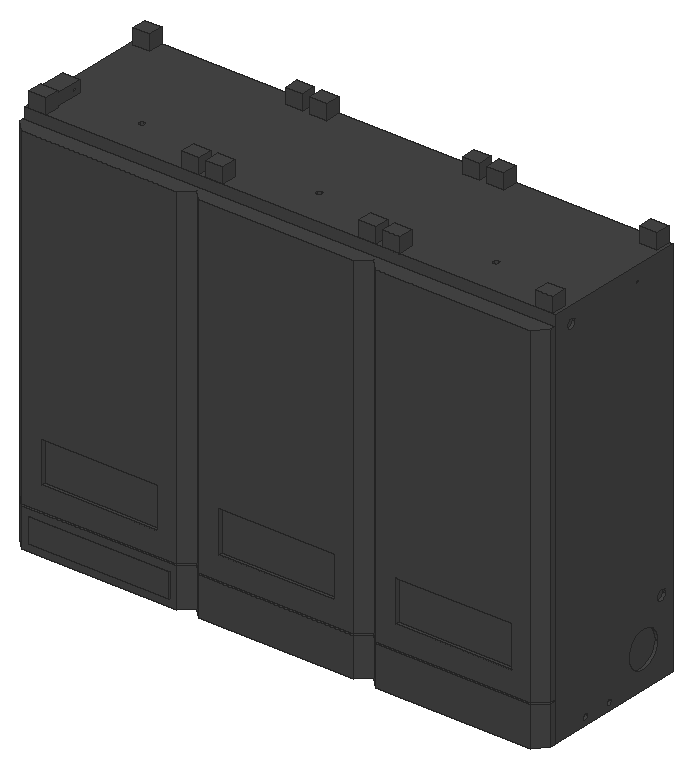
Revit family "SPG1012-3_Revit", category Mechanical Equipment, Revit 2014
Parameters (values of type "Standard")
  d98 = 0' - 0 1/2"
  d96 = 0' - 0 1/2"
  d94 = 0' - 5 1/4"
  d92 = 0' - 5"
  d90 = 0' - 5"
  d88 = 0' - 5"
  d86 = 0' - 0 1/2"
  d84 = 0' - 0 1/2"
  d82 = 0' - 0 1/2"
  d80 = 0' - 1.568"
  d78 = 3' - 9.203"
  d76 = 0' - 0 1/2"
  d74 = 0' - 0 1/2"
  d72 = 0' - 2.3146"
  d70 = 0' - 2.3146"
  d68 = 0' - 3.715"
  d66 = 0' - 2.04"
  d64 = 3' - 8.953"
  d62 = 0' - 0 1/2"
  d60 = 0' - 2.04"
  d58 = 0' - 2.04"
  d56 = 0' - 2.04"
  d54 = 0' - 2.04"
  d52 = 0' - 2.04"
  d50 = 0' - 2.04"
  d48 = 0' - 2.04"
  d46 = 0' - 0 1/2"
  d44 = 3' - 8.953"
  d42 = 3' - 8.953"
  d40 = 0' - 2.04"
  d38 = 0' - 2.04"
  d36 = 0' - 0 1/2"
  d34 = 0' - 2.04"
  d32 = 0' - 0 1/2"
  d30 = 0' - 0 1/2"
  d28 = 0' - 0 1/2"
  d24 = 0' - 0 1/2"
  d22 = 0' - 0 1/2"
  d20 = 0' - 0 1/2"
  d16 = 0' - 0 1/2"
  d14 = 0' - 0 1/2"
  d12 = 0' - 0 1/2"
  d116 = 0' - 0"
  d108 = 5' - 11.919"
  d106 = 0' - 0 1/2"
  d104 = 0' - 0 1/2"
  d102 = 0' - 0 1/2"
  d100 = 0' - 0 1/2"
  URL = "www.neptronic.com"
  Part Number = "SPG1012-3_Revit"
  Model = "SKG 3505, SKG 3560, SKG 3610"
  Manufacturer = "Neptronic"
  Designer = "elandry"
  Design Status = 1
  Description = "Gas fired humidifier"
  Date Created = "2014-08-08 10:38:47"
  Connector_9_Diameter = 0' - 0"
  Connector_8_Diameter = 0' - 0"
  Connector_7_Diameter = 0' - 0"
  Connector_6_Diameter = 0' - 0"
  Connector_5_Diameter = 0' - 0"
  Connector_4_Diameter = 0' - 0"
  Connector_3_Width = 0' - 0"
  Connector_3_Height = 0' - 0"
  Connector_2_Width = 0' - 0"
  Connector_2_Height = 0' - 0"
  Connector_22_Diameter = 0' - 0"
  Connector_21_Diameter = 0' - 0"
  Connector_20_Diameter = 0' - 0"
  Connector_1_Width = 0' - 0"
  Connector_1_Height = 0' - 0"
  Connector_19_Diameter = 0' - 0"
  Connector_18_Diameter = 0' - 0"
  Connector_17_Diameter = 0' - 0"
  Connector_16_Diameter = 0' - 0"
  Connector_13_Diameter = 0' - 0"
  Connector_12_Diameter = 0' - 0"
  Author = "elandry"
Reference planes (in)
  plane 1 "Center (Front/Back)": y = 0
  plane 2: z = 0
  plane 3 "Center (Left/Right)": x = 0
  plane 4: x = -32.67942
  plane 5: x = 39.23958
  plane 6: x = 39.23958
  plane 7: x = 38.73958
  plane 8: x = 39.23958
  plane 9: x = 38.73958
  plane 10: x = 39.23958
  plane 11: x = 38.73958
  plane 12: x = 39.23958
  plane 13: x = 38.73958
  plane 14: x = 39.23958
  plane 15: x = 38.73958
  plane 16: x = 39.23958
  plane 17: x = 38.73958
  plane 18: z = -31.4925
  plane 19: z = -36.7425
  plane 20: z = -31.4925
  plane 21: z = -36.4925
  plane 22: z = -31.4925
  plane 23: z = -36.4925
  plane 24: z = -31.4925
  plane 25: z = -36.4925
  plane 26: x = -32.67942
  plane 27: x = -32.17942
  plane 28: x = -32.67942
  plane 29: x = -32.17942
  plane 30: x = -32.67942
  plane 31: x = -32.17942
  plane 32: x = -32.67942
  plane 33: x = -34.24742
  plane 34: z = -31.2425
  plane 35: z = 13.9605
  plane 36: x = -32.67942
  plane 37: x = -32.17942
  plane 38: x = -32.67942
  plane 39: x = -32.17942
  plane 40: x = -29.86382
  plane 41: x = -32.17842
  plane 42: x = -32.17842
  plane 43: x = -29.86382
  plane 44: y = 37.62828
  plane 45: y = 33.91328
  plane 46: z = 15.3285
  plane 47: z = 17.3685
  plane 48: z = -31.2425
  plane 49: z = 13.7105
  plane 50: z = 15.3285
  plane 51: z = 14.8285
  plane 52: z = 15.3285
  plane 53: z = 17.3685
  plane 54: z = 15.3285
  plane 55: z = 17.3685
  plane 56: z = 15.3285
  plane 57: z = 17.3685
  plane 58: z = 15.3285
  plane 59: z = 17.3685
  plane 60: z = 15.3285
  plane 61: z = 17.3685
  plane 62: z = 15.3285
  plane 63: z = 17.3685
  plane 64: z = 15.3285
  plane 65: z = 17.3685
  plane 66: z = 15.3285
  plane 67: z = 14.8285
  plane 68: z = -31.2425
  plane 69: z = 13.7105
  plane 70: z = -31.2425
  plane 71: z = 13.7105
  plane 72: z = 15.3285
  plane 73: z = 17.3685
  plane 74: z = 15.3285
  plane 75: z = 17.3685
  plane 76: z = 15.3285
  plane 77: z = 14.8285
  plane 78: z = 15.3285
  plane 79: z = 17.3685
  plane 80: y = 29.50618
  plane 81: y = 30.00618
  plane 82: y = 29.50618
  plane 83: y = 30.00618
  plane 84: y = 29.50618
  plane 85: y = 30.00618
  plane 86: z = -36.6653
  plane 87: z = -36.1653
  plane 88: z = -36.6653
  plane 89: z = -36.1653
  plane 90: z = -36.6653
  plane 91: z = -36.1653
  plane 92: z = -36.6653
  plane 93: z = -36.1653
  plane 94: z = -36.6653
  plane 95: z = -36.1653
  plane 96: z = -36.6653
  plane 97: z = -36.1653
Forms (in)
  Extrusion 1, solid
    sketch origin (-32.67942, 0, 0) x (0, -1, 0) y (0, 0, 1)
      loop
        line (-31.81718, -36.6653) -> (-31.81718, 15.3285) -> (-51.56698, 15.3285) -> (-51.56698, -36.6653) -> (-31.81718, -36.6653)
    from 0 to -71.919
  Extrusion 2, void
    sketch origin (39.23958, 0, 0) x (0, -1, 0) y (0, 0, -1)
      loop
        circle (-45.56598, -13.2945) r 0.25
    from 0 to -0.5
  Extrusion 3, void
    sketch origin (39.23958, 0, 0) x (0, -1, 0) y (0, 0, -1)
      loop
        circle (-34.39098, -13.13845) r 0.6875
    from 0 to -0.5
  Extrusion 4, void
    sketch origin (39.23958, 0, 0) x (0, -1, 0) y (0, 0, -1)
      loop
        circle (-49.65698, 26.51552) r 0.75
    from 0 to -0.5
  Extrusion 5, void
    sketch origin (39.23958, 0, 0) x (0, -1, 0) y (0, 0, -1)
      loop
        circle (-46.61783, 31.7275) r 2.5
    from 0 to -0.5
  Extrusion 6, void
    sketch origin (39.23958, 0, 0) x (0, -1, 0) y (0, 0, -1)
      loop
        circle (-40.81598, 35.6175) r 0.4375
    from 0 to -0.5
  Extrusion 7, void
    sketch origin (39.23958, 0, 0) x (0, -1, 0) y (0, 0, -1)
      loop
        circle (-36.81598, 35.6175) r 0.4375
    from 0 to -0.5
  Extrusion 8, solid
    sketch origin (0, 0, -31.4925) x (-1, 0, 0) y (0, -1, 0)
      loop
        line (-39.25358, -31.56718) -> (32.69342, -31.56718) -> (32.69342, -31.01698) -> (31.18262, -29.50618) -> (10.20222, -29.50618) -> (8.70592, -31.00248) -> (7.20962, -29.50618) -> (-13.77078, -29.50618) -> (-15.26708, -31.00248) -> (-16.76338, -29.50618) -> (-37.74378, -29.50618) -> (-39.25358, -31.01598) -> (-39.25358, -31.56718)
    from 0 to -5.25
  Extrusion 9, solid
    sketch origin (0, 0, -31.4925) x (-1, 0, 0) y (0, -1, 0)
      loop
        line (-39.00358, -31.81718) -> (-15.50258, -31.81718) -> (-15.50258, -31.56718) -> (-39.00358, -31.56718) -> (-39.00358, -31.81718)
    from 0 to -5
  Extrusion 10, solid
    sketch origin (0, 0, -31.4925) x (-1, 0, 0) y (0, -1, 0)
      loop
        line (-15.03058, -31.81718) -> (8.47042, -31.81718) -> (8.47042, -31.56718) -> (-15.03058, -31.56718) -> (-15.03058, -31.81718)
    from 0 to -5
  Extrusion 11, solid
    sketch origin (0, 0, -31.4925) x (-1, 0, 0) y (0, -1, 0)
      loop
        line (8.94242, -31.81718) -> (32.44342, -31.81718) -> (32.44342, -31.56718) -> (8.94242, -31.56718) -> (8.94242, -31.81718)
    from 0 to -5
  Extrusion 12, void
    sketch origin (-32.67942, 0, 0) x (0, -1, 0) y (0, 0, 1)
      loop
        circle (-36.81598, -35.6175) r 0.4375
    from 0 to -0.5
  Extrusion 13, void
    sketch origin (-32.67942, 0, 0) x (0, -1, 0) y (0, 0, 1)
      loop
        circle (-40.81598, -35.6175) r 0.4375
    from 0 to -0.5
  Extrusion 14, void
    sketch origin (-32.67942, 0, 0) x (0, -1, 0) y (0, 0, 1)
      loop
        circle (-49.65698, -26.51552) r 0.75
    from 0 to -0.5
  Extrusion 15, solid
    sketch origin (-32.67942, 0, 0) x (0, -1, 0) y (0, 0, 1)
      loop
        circle (-46.61783, -31.7275) r 2.5
    from 0 to 1.568
  Extrusion 16, solid
    sketch origin (0, 0, -31.2425) x (-1, 0, 0) y (0, -1, 0)
      loop
        line (-15.26708, -31.00248) -> (-16.76338, -29.50618) -> (-37.74378, -29.50618) -> (-39.25358, -31.01598) -> (-39.25358, -31.56718) -> (32.69342, -31.56718) -> (32.69342, -31.01698) -> (31.18262, -29.50618) -> (10.20222, -29.50618) -> (8.70592, -31.00248) -> (7.20962, -29.50618) -> (-13.77078, -29.50618) -> (-15.26708, -31.00248)
    from 0 to 45.203
  Extrusion 17, void
    sketch origin (-32.67942, 0, 0) x (0, -1, 0) y (0, 0, 1)
      loop
        circle (-45.56598, 13.2945) r 0.25
    from 0 to -0.5
  Extrusion 18, void
    sketch origin (-32.67942, 0, 0) x (0, -1, 0) y (0, 0, 1)
      loop
        circle (-34.39098, 13.13845) r 0.6875
    from 0 to -0.5
  Extrusion 19, solid
    sketch origin (-29.86382, 0, 0) x (0, -1, 0) y (0, 0, -1)
      loop
        line (-31.91328, -17.3685) -> (-31.91328, -15.3285) -> (-33.91328, -15.3285) -> (-33.91328, -15.4895) -> (-37.62828, -15.4895) -> (-37.62828, -17.3685) -> (-31.91328, -17.3685)
    from 0 to -2.3146
  Extrusion 20, void
    sketch origin (-32.17842, 0, 0) x (0, -1, 0) y (0, 0, -1)
      loop
        circle (-36.69078, -16.2895) r 0.25
    from 0 to 2.3146
  Extrusion 21, void
    sketch origin (0, 37.62828, 0) x (-1, 0, 0) y (0, 0, 1)
      loop
        line (32.17842, 17.0895) -> (32.17842, 17.3685) -> (29.86382, 17.3685) -> (29.86382, 17.0895) -> (32.17842, 17.0895)
    from 0 to -3.715
  Extrusion 22, solid
    sketch origin (0, 0, 15.3285) x (-1, 0, 0) y (0, -1, 0)
      loop
        line (29.86382, -51.46868) -> (32.17842, -51.46868) -> (32.17842, -49.46868) -> (29.86382, -49.46868) -> (29.86382, -51.46868)
    from 0 to 2.04
  Extrusion 23, solid
    sketch origin (0, 0, -31.2425) x (-1, 0, 0) y (0, -1, 0)
      loop
        line (32.44342, -31.81718) -> (32.44342, -31.56718) -> (8.94242, -31.56718) -> (8.94242, -31.81718) -> (32.44342, -31.81718)
    from 0 to 44.953
  Extrusion 24, void
    sketch origin (0, 0, 15.3285) x (-1, 0, 0) y (0, -1, 0)
      loop
        circle (20.69292, -36.69198) r 0.375
    from 0 to -0.5
  Extrusion 25, solid
    sketch origin (0, 0, 15.3285) x (-1, 0, 0) y (0, -1, 0)
      loop
        line (11.52202, -31.91328) -> (9.20742, -31.91328) -> (9.20742, -33.91328) -> (11.52202, -33.91328) -> (11.52202, -31.91328)
    from 0 to 2.04
  Extrusion 26, solid
    sketch origin (0, 0, 15.3285) x (-1, 0, 0) y (0, -1, 0)
      loop
        line (8.20542, -31.91328) -> (5.89082, -31.91328) -> (5.89082, -33.91328) -> (8.20542, -33.91328) -> (8.20542, -31.91328)
    from 0 to 2.04
  Extrusion 27, solid
    sketch origin (0, 0, 15.3285) x (-1, 0, 0) y (0, -1, 0)
      loop
        line (9.20742, -51.46868) -> (11.52202, -51.46868) -> (11.52202, -49.46868) -> (9.20742, -49.46868) -> (9.20742, -51.46868)
    from 0 to 2.04
  Extrusion 28, solid
    sketch origin (0, 0, 15.3285) x (-1, 0, 0) y (0, -1, 0)
      loop
        line (5.89082, -51.46868) -> (8.20542, -51.46868) -> (8.20542, -49.46868) -> (5.89082, -49.46868) -> (5.89082, -51.46868)
    from 0 to 2.04
  Extrusion 29, solid
    sketch origin (0, 0, 15.3285) x (-1, 0, 0) y (0, -1, 0)
      loop
        line (-14.76558, -51.46868) -> (-12.45098, -51.46868) -> (-12.45098, -49.46868) -> (-14.76558, -49.46868) -> (-14.76558, -51.46868)
    from 0 to 2.04
  Extrusion 30, solid
    sketch origin (0, 0, 15.3285) x (-1, 0, 0) y (0, -1, 0)
      loop
        line (-15.76758, -49.46868) -> (-18.08218, -49.46868) -> (-18.08218, -51.46868) -> (-15.76758, -51.46868) -> (-15.76758, -49.46868)
    from 0 to 2.04
  Extrusion 31, solid
    sketch origin (0, 0, 15.3285) x (-1, 0, 0) y (0, -1, 0)
      loop
        line (-36.42398, -49.46868) -> (-38.73858, -49.46868) -> (-38.73858, -51.46868) -> (-36.42398, -51.46868) -> (-36.42398, -49.46868)
    from 0 to 2.04
  Extrusion 32, void
    sketch origin (0, 0, 15.3285) x (-1, 0, 0) y (0, -1, 0)
      loop
        circle (-3.28008, -36.69198) r 0.375
    from 0 to -0.5
  Extrusion 33, solid
    sketch origin (0, 0, -31.2425) x (-1, 0, 0) y (0, -1, 0)
      loop
        line (8.47042, -31.81718) -> (8.47042, -31.56718) -> (-15.03058, -31.56718) -> (-15.03058, -31.81718) -> (8.47042, -31.81718)
    from 0 to 44.953
  Extrusion 34, solid
    sketch origin (0, 0, -31.2425) x (-1, 0, 0) y (0, -1, 0)
      loop
        line (-15.50258, -31.81718) -> (-15.50258, -31.56718) -> (-39.00358, -31.56718) -> (-39.00358, -31.81718) -> (-15.50258, -31.81718)
    from 0 to 44.953
  Extrusion 35, solid
    sketch origin (0, 0, 15.3285) x (-1, 0, 0) y (0, -1, 0)
      loop
        line (-12.45098, -31.91328) -> (-14.76558, -31.91328) -> (-14.76558, -33.91328) -> (-12.45098, -33.91328) -> (-12.45098, -31.91328)
    from 0 to 2.04
  Extrusion 36, solid
    sketch origin (0, 0, 15.3285) x (-1, 0, 0) y (0, -1, 0)
      loop
        line (-18.08218, -33.91328) -> (-15.76758, -33.91328) -> (-15.76758, -31.91328) -> (-18.08218, -31.91328) -> (-18.08218, -33.91328)
    from 0 to 2.04
  Extrusion 37, void
    sketch origin (0, 0, 15.3285) x (-1, 0, 0) y (0, -1, 0)
      loop
        circle (-27.25308, -36.69198) r 0.375
    from 0 to -0.5
  Extrusion 38, solid
    sketch origin (0, 0, 15.3285) x (-1, 0, 0) y (0, -1, 0)
      loop
        line (-38.73858, -33.91328) -> (-36.42398, -33.91328) -> (-36.42398, -31.91328) -> (-38.73858, -31.91328) -> (-38.73858, -33.91328)
    from 0 to 2.04
  Extrusion 39, void
    sketch origin (0, 29.50618, 0) x (-1, 0, 0) y (0, 0, -1)
      loop
        line (-19.37758, 22.4865) -> (-19.37758, 28.082) -> (-35.12758, 28.082) -> (-35.12758, 22.4865) -> (-19.37758, 22.4865)
    from 0 to -0.5
  Extrusion 40, void
    sketch origin (0, 29.50618, 0) x (-1, 0, 0) y (0, 0, -1)
      loop
        line (-11.15458, 28.082) -> (-11.15458, 22.4865) -> (4.59542, 22.4865) -> (4.59542, 28.082) -> (-11.15458, 28.082)
    from 0 to -0.5
  Extrusion 41, void
    sketch origin (0, 29.50618, 0) x (-1, 0, 0) y (0, 0, -1)
      loop
        line (12.81842, 28.082) -> (12.81842, 22.4865) -> (28.56842, 22.4865) -> (28.56842, 28.082) -> (12.81842, 28.082)
    from 0 to -0.5
  Extrusion 42, void
    sketch origin (0, 0, -36.6653) x (-1, 0, 0) y (0, -1, 0)
      loop
        circle (18.87942, -33.96698) r 1
    from 0 to 0.5
  Extrusion 43, void
    sketch origin (0, 0, -36.6653) x (-1, 0, 0) y (0, -1, 0)
      loop
        circle (-5.09358, -33.96698) r 1
    from 0 to 0.5
  Extrusion 44, void
    sketch origin (0, 0, -36.6653) x (-1, 0, 0) y (0, -1, 0)
      loop
        circle (-29.06658, -33.96698) r 1
    from 0 to 0.5
  Extrusion 45, void
    sketch origin (0, 0, -36.6653) x (-1, 0, 0) y (0, -1, 0)
      loop
        circle (14.67942, -42.56698) r 1.5
    from 0 to 0.5
  Extrusion 46, void
    sketch origin (0, 0, -36.6653) x (-1, 0, 0) y (0, -1, 0)
      loop
        circle (-9.29358, -42.56698) r 1.5
    from 0 to 0.5
  Extrusion 47, void
    sketch origin (0, 0, -36.6653) x (-1, 0, 0) y (0, -1, 0)
      loop
        circle (-33.26658, -42.56698) r 1.5
    from 0 to 0.5
  Extrusion 48, solid
    sketch origin (-31.18262, 29.50618, -31.4925) x (0, 0, -1) y (1, 0, 0)
      loop
        line (1, 19.9804) -> (1, 1) -> (4.25, 1) -> (4.25, 19.9804) -> (1, 19.9804)
    from 0 to 0.125
Cuts and joins
  Extrusion 2, Extrusion 3, Extrusion 4, Extrusion 5, Extrusion 6, Extrusion 7, Extrusion 12, Extrusion 13, Extrusion 14, Extrusion 17, Extrusion 18, Extrusion 20, Extrusion 21, Extrusion 24, Extrusion 32, Extrusion 37, Extrusion 39, Extrusion 40, Extrusion 41, Extrusion 42, Extrusion 43, Extrusion 44, Extrusion 45, Extrusion 46, Extrusion 47 cuts Extrusion 1
  Extrusion 12, Extrusion 13, Extrusion 14, Extrusion 17, Extrusion 18, Extrusion 20, Extrusion 21, Extrusion 24, Extrusion 32, Extrusion 37, Extrusion 39, Extrusion 40, Extrusion 41, Extrusion 42, Extrusion 43, Extrusion 44, Extrusion 45, Extrusion 46, Extrusion 47 cuts Extrusion 8
  Extrusion 12, Extrusion 13, Extrusion 14, Extrusion 17, Extrusion 18, Extrusion 20, Extrusion 21, Extrusion 24, Extrusion 32, Extrusion 37, Extrusion 39, Extrusion 40, Extrusion 41, Extrusion 42, Extrusion 43, Extrusion 44, Extrusion 45, Extrusion 46, Extrusion 47 cuts Extrusion 9
  Extrusion 12, Extrusion 13, Extrusion 14, Extrusion 17, Extrusion 18, Extrusion 20, Extrusion 21, Extrusion 24, Extrusion 32, Extrusion 37, Extrusion 39, Extrusion 40, Extrusion 41, Extrusion 42, Extrusion 43, Extrusion 44, Extrusion 45, Extrusion 46, Extrusion 47 cuts Extrusion 10
  Extrusion 12, Extrusion 13, Extrusion 14, Extrusion 17, Extrusion 18, Extrusion 20, Extrusion 21, Extrusion 24, Extrusion 32, Extrusion 37, Extrusion 39, Extrusion 40, Extrusion 41, Extrusion 42, Extrusion 43, Extrusion 44, Extrusion 45, Extrusion 46, Extrusion 47 cuts Extrusion 11
  Extrusion 17, Extrusion 18, Extrusion 20, Extrusion 21, Extrusion 24, Extrusion 32, Extrusion 37, Extrusion 39, Extrusion 40, Extrusion 41, Extrusion 42, Extrusion 43, Extrusion 44, Extrusion 45, Extrusion 46, Extrusion 47 cuts Extrusion 15
  Extrusion 17, Extrusion 18, Extrusion 20, Extrusion 21, Extrusion 24, Extrusion 32, Extrusion 37, Extrusion 39, Extrusion 40, Extrusion 41, Extrusion 42, Extrusion 43, Extrusion 44, Extrusion 45, Extrusion 46, Extrusion 47 cuts Extrusion 16
  Extrusion 20, Extrusion 21, Extrusion 24, Extrusion 32, Extrusion 37, Extrusion 39, Extrusion 40, Extrusion 41, Extrusion 42, Extrusion 43, Extrusion 44, Extrusion 45, Extrusion 46, Extrusion 47 cuts Extrusion 19
  Extrusion 24, Extrusion 32, Extrusion 37, Extrusion 39, Extrusion 40, Extrusion 41, Extrusion 42, Extrusion 43, Extrusion 44, Extrusion 45, Extrusion 46, Extrusion 47 cuts Extrusion 22
  Extrusion 24, Extrusion 32, Extrusion 37, Extrusion 39, Extrusion 40, Extrusion 41, Extrusion 42, Extrusion 43, Extrusion 44, Extrusion 45, Extrusion 46, Extrusion 47 cuts Extrusion 23
  Extrusion 32, Extrusion 37, Extrusion 39, Extrusion 40, Extrusion 41, Extrusion 42, Extrusion 43, Extrusion 44, Extrusion 45, Extrusion 46, Extrusion 47 cuts Extrusion 25
  Extrusion 32, Extrusion 37, Extrusion 39, Extrusion 40, Extrusion 41, Extrusion 42, Extrusion 43, Extrusion 44, Extrusion 45, Extrusion 46, Extrusion 47 cuts Extrusion 26
  Extrusion 32, Extrusion 37, Extrusion 39, Extrusion 40, Extrusion 41, Extrusion 42, Extrusion 43, Extrusion 44, Extrusion 45, Extrusion 46, Extrusion 47 cuts Extrusion 27
  Extrusion 32, Extrusion 37, Extrusion 39, Extrusion 40, Extrusion 41, Extrusion 42, Extrusion 43, Extrusion 44, Extrusion 45, Extrusion 46, Extrusion 47 cuts Extrusion 28
  Extrusion 32, Extrusion 37, Extrusion 39, Extrusion 40, Extrusion 41, Extrusion 42, Extrusion 43, Extrusion 44, Extrusion 45, Extrusion 46, Extrusion 47 cuts Extrusion 29
  Extrusion 32, Extrusion 37, Extrusion 39, Extrusion 40, Extrusion 41, Extrusion 42, Extrusion 43, Extrusion 44, Extrusion 45, Extrusion 46, Extrusion 47 cuts Extrusion 30
  Extrusion 32, Extrusion 37, Extrusion 39, Extrusion 40, Extrusion 41, Extrusion 42, Extrusion 43, Extrusion 44, Extrusion 45, Extrusion 46, Extrusion 47 cuts Extrusion 31
  Extrusion 37, Extrusion 39, Extrusion 40, Extrusion 41, Extrusion 42, Extrusion 43, Extrusion 44, Extrusion 45, Extrusion 46, Extrusion 47 cuts Extrusion 33
  Extrusion 37, Extrusion 39, Extrusion 40, Extrusion 41, Extrusion 42, Extrusion 43, Extrusion 44, Extrusion 45, Extrusion 46, Extrusion 47 cuts Extrusion 34
  Extrusion 37, Extrusion 39, Extrusion 40, Extrusion 41, Extrusion 42, Extrusion 43, Extrusion 44, Extrusion 45, Extrusion 46, Extrusion 47 cuts Extrusion 35
  Extrusion 37, Extrusion 39, Extrusion 40, Extrusion 41, Extrusion 42, Extrusion 43, Extrusion 44, Extrusion 45, Extrusion 46, Extrusion 47 cuts Extrusion 36
  Extrusion 39, Extrusion 40, Extrusion 41, Extrusion 42, Extrusion 43, Extrusion 44, Extrusion 45, Extrusion 46, Extrusion 47 cuts Extrusion 38
  joined: Extrusion 1, Extrusion 8, Extrusion 9, Extrusion 10, Extrusion 11, Extrusion 15, Extrusion 16, Extrusion 19, Extrusion 22, Extrusion 23, Extrusion 25, Extrusion 26, Extrusion 27, Extrusion 28, Extrusion 29, Extrusion 30, Extrusion 31, Extrusion 33, Extrusion 34, Extrusion 35, Extrusion 36, Extrusion 38, Extrusion 48
Lines and regions (in)
  reference lines
    curve 1: line (-32.67942, 31.81718, -36.6653) -> (-32.67942, 51.56698, -36.6653)
    curve 2: line (-32.67942, 51.56698, 15.3285) -> (-32.67942, 51.56698, -36.6653)
    curve 3: line (-32.67942, 51.56698, 15.3285) -> (-32.67942, 31.81718, 15.3285)
    curve 4: line (-32.67942, 31.81718, 15.3285) -> (-32.67942, 31.81718, -36.6653)
    curve 5: circle (39.23958, 45.56598, 13.2945) r 0.25 normal (1, 0, 0)
    curve 6: circle (39.23958, 34.39098, 13.13845) r 0.6875 normal (1, 0, 0)
    curve 7: circle (39.23958, 49.65698, -26.51552) r 0.75 normal (1, 0, 0)
    curve 8: circle (39.23958, 46.61783, -31.7275) r 2.5 normal (1, 0, 0)
    curve 9: circle (39.23958, 40.81598, -35.6175) r 0.4375 normal (1, 0, 0)
    curve 10: circle (39.23958, 36.81598, -35.6175) r 0.4375 normal (1, 0, 0)
    curve 11: line (39.25358, 31.56718, -31.4925) -> (-32.69342, 31.56718, -31.4925)
    curve 12: line (-32.69342, 31.56718, -31.4925) -> (-32.69342, 31.01698, -31.4925)
    curve 13: line (-32.69342, 31.01698, -31.4925) -> (-31.18262, 29.50618, -31.4925)
    curve 14: line (-31.18262, 29.50618, -31.4925) -> (-10.20222, 29.50618, -31.4925)
    curve 15: line (-10.20222, 29.50618, -31.4925) -> (-8.70592, 31.00248, -31.4925)
    curve 16: line (-8.70592, 31.00248, -31.4925) -> (-7.20962, 29.50618, -31.4925)
    curve 17: line (-7.20962, 29.50618, -31.4925) -> (13.77078, 29.50618, -31.4925)
    curve 18: line (13.77078, 29.50618, -31.4925) -> (15.26708, 31.00248, -31.4925)
    curve 19: line (16.76338, 29.50618, -31.4925) -> (15.26708, 31.00248, -31.4925)
    curve 20: line (37.74378, 29.50618, -31.4925) -> (16.76338, 29.50618, -31.4925)
    curve 21: line (39.25358, 31.01598, -31.4925) -> (37.74378, 29.50618, -31.4925)
    curve 22: line (39.25358, 31.56718, -31.4925) -> (39.25358, 31.01598, -31.4925)
    curve 23: line (39.00358, 31.81718, -31.4925) -> (15.50258, 31.81718, -31.4925)
    curve 24: line (15.50258, 31.56718, -31.4925) -> (15.50258, 31.81718, -31.4925)
    curve 25: line (15.50258, 31.56718, -31.4925) -> (39.00358, 31.56718, -31.4925)
    curve 26: line (39.00358, 31.81718, -31.4925) -> (39.00358, 31.56718, -31.4925)
    curve 27: line (15.03058, 31.81718, -31.4925) -> (-8.47042, 31.81718, -31.4925)
    curve 28: line (-8.47042, 31.56718, -31.4925) -> (-8.47042, 31.81718, -31.4925)
    curve 29: line (-8.47042, 31.56718, -31.4925) -> (15.03058, 31.56718, -31.4925)
    curve 30: line (15.03058, 31.81718, -31.4925) -> (15.03058, 31.56718, -31.4925)
    curve 31: line (-8.94242, 31.81718, -31.4925) -> (-32.44342, 31.81718, -31.4925)
    curve 32: line (-32.44342, 31.56718, -31.4925) -> (-32.44342, 31.81718, -31.4925)
    curve 33: line (-32.44342, 31.56718, -31.4925) -> (-8.94242, 31.56718, -31.4925)
    curve 34: line (-8.94242, 31.81718, -31.4925) -> (-8.94242, 31.56718, -31.4925)
    curve 35: circle (-32.67942, 36.81598, -35.6175) r 0.4375 normal (-1, 0, 0)
    curve 36: circle (-32.67942, 40.81598, -35.6175) r 0.4375 normal (-1, 0, 0)
    curve 37: circle (-32.67942, 49.65698, -26.51552) r 0.75 normal (-1, 0, 0)
    curve 38: circle (-32.67942, 46.61783, -31.7275) r 2.5 normal (-1, 0, 0)
    curve 39: line (15.26708, 31.00248, -31.2425) -> (16.76338, 29.50618, -31.2425)
    curve 40: line (16.76338, 29.50618, -31.2425) -> (37.74378, 29.50618, -31.2425)
    curve 41: line (37.74378, 29.50618, -31.2425) -> (39.25358, 31.01598, -31.2425)
    curve 42: line (39.25358, 31.01598, -31.2425) -> (39.25358, 31.56718, -31.2425)
    curve 43: line (39.25358, 31.56718, -31.2425) -> (-32.69342, 31.56718, -31.2425)
    curve 44: line (-32.69342, 31.01698, -31.2425) -> (-32.69342, 31.56718, -31.2425)
    curve 45: line (-31.18262, 29.50618, -31.2425) -> (-32.69342, 31.01698, -31.2425)
    curve 46: line (-10.20222, 29.50618, -31.2425) -> (-31.18262, 29.50618, -31.2425)
    curve 47: line (-8.70592, 31.00248, -31.2425) -> (-10.20222, 29.50618, -31.2425)
    curve 48: line (-7.20962, 29.50618, -31.2425) -> (-8.70592, 31.00248, -31.2425)
    curve 49: line (13.77078, 29.50618, -31.2425) -> (-7.20962, 29.50618, -31.2425)
    curve 50: line (15.26708, 31.00248, -31.2425) -> (13.77078, 29.50618, -31.2425)
    curve 51: circle (-32.67942, 45.56598, 13.2945) r 0.25 normal (-1, 0, 0)
    curve 52: circle (-32.67942, 34.39098, 13.13845) r 0.6875 normal (-1, 0, 0)
    curve 53: line (-29.86382, 31.91328, 17.3685) -> (-29.86382, 37.62828, 17.3685)
    curve 54: line (-29.86382, 37.62828, 17.3685) -> (-29.86382, 37.62828, 15.4895)
    curve 55: line (-29.86382, 37.62828, 15.4895) -> (-29.86382, 33.91328, 15.4895)
    curve 56: line (-29.86382, 33.91328, 15.4895) -> (-29.86382, 33.91328, 15.3285)
    curve 57: line (-29.86382, 31.91328, 15.3285) -> (-29.86382, 33.91328, 15.3285)
    curve 58: line (-29.86382, 31.91328, 15.3285) -> (-29.86382, 31.91328, 17.3685)
    curve 59: circle (-32.17842, 36.69078, 16.2895) r 0.25 normal (1, 0, 0)
    curve 60: line (-32.17842, 37.62828, 17.0895) -> (-29.86382, 37.62828, 17.0895)
    curve 61: line (-29.86382, 37.62828, 17.0895) -> (-29.86382, 37.62828, 17.3685)
    curve 62: line (-29.86382, 37.62828, 17.3685) -> (-32.17842, 37.62828, 17.3685)
    curve 63: line (-32.17842, 37.62828, 17.3685) -> (-32.17842, 37.62828, 17.0895)
    curve 64: line (-29.86382, 51.46868, 15.3285) -> (-29.86382, 49.46868, 15.3285)
    curve 65: line (-29.86382, 49.46868, 15.3285) -> (-32.17842, 49.46868, 15.3285)
    curve 66: line (-32.17842, 49.46868, 15.3285) -> (-32.17842, 51.46868, 15.3285)
    curve 67: line (-32.17842, 51.46868, 15.3285) -> (-29.86382, 51.46868, 15.3285)
    curve 68: line (-32.44342, 31.81718, -31.2425) -> (-8.94242, 31.81718, -31.2425)
    curve 69: line (-8.94242, 31.56718, -31.2425) -> (-8.94242, 31.81718, -31.2425)
    curve 70: line (-8.94242, 31.56718, -31.2425) -> (-32.44342, 31.56718, -31.2425)
    curve 71: line (-32.44342, 31.81718, -31.2425) -> (-32.44342, 31.56718, -31.2425)
    curve 72: circle (-20.69292, 36.69198, 15.3285) r 0.375 normal (0, 0, 1)
    curve 73: line (-11.52202, 31.91328, 15.3285) -> (-11.52202, 33.91328, 15.3285)
    curve 74: line (-11.52202, 33.91328, 15.3285) -> (-9.20742, 33.91328, 15.3285)
    curve 75: line (-9.20742, 33.91328, 15.3285) -> (-9.20742, 31.91328, 15.3285)
    curve 76: line (-9.20742, 31.91328, 15.3285) -> (-11.52202, 31.91328, 15.3285)
    curve 77: line (-8.20542, 31.91328, 15.3285) -> (-8.20542, 33.91328, 15.3285)
    curve 78: line (-8.20542, 33.91328, 15.3285) -> (-5.89082, 33.91328, 15.3285)
    curve 79: line (-5.89082, 33.91328, 15.3285) -> (-5.89082, 31.91328, 15.3285)
    curve 80: line (-5.89082, 31.91328, 15.3285) -> (-8.20542, 31.91328, 15.3285)
    curve 81: line (-9.20742, 51.46868, 15.3285) -> (-9.20742, 49.46868, 15.3285)
    curve 82: line (-9.20742, 49.46868, 15.3285) -> (-11.52202, 49.46868, 15.3285)
    curve 83: line (-11.52202, 49.46868, 15.3285) -> (-11.52202, 51.46868, 15.3285)
    curve 84: line (-11.52202, 51.46868, 15.3285) -> (-9.20742, 51.46868, 15.3285)
    curve 85: line (-5.89082, 51.46868, 15.3285) -> (-5.89082, 49.46868, 15.3285)
    curve 86: line (-5.89082, 49.46868, 15.3285) -> (-8.20542, 49.46868, 15.3285)
    curve 87: line (-8.20542, 49.46868, 15.3285) -> (-8.20542, 51.46868, 15.3285)
    curve 88: line (-8.20542, 51.46868, 15.3285) -> (-5.89082, 51.46868, 15.3285)
    curve 89: line (14.76558, 51.46868, 15.3285) -> (14.76558, 49.46868, 15.3285)
    curve 90: line (14.76558, 49.46868, 15.3285) -> (12.45098, 49.46868, 15.3285)
    curve 91: line (12.45098, 49.46868, 15.3285) -> (12.45098, 51.46868, 15.3285)
    curve 92: line (12.45098, 51.46868, 15.3285) -> (14.76558, 51.46868, 15.3285)
    curve 93: line (15.76758, 49.46868, 15.3285) -> (15.76758, 51.46868, 15.3285)
    curve 94: line (15.76758, 51.46868, 15.3285) -> (18.08218, 51.46868, 15.3285)
    curve 95: line (18.08218, 51.46868, 15.3285) -> (18.08218, 49.46868, 15.3285)
    curve 96: line (18.08218, 49.46868, 15.3285) -> (15.76758, 49.46868, 15.3285)
    curve 97: line (36.42398, 49.46868, 15.3285) -> (36.42398, 51.46868, 15.3285)
    curve 98: line (36.42398, 51.46868, 15.3285) -> (38.73858, 51.46868, 15.3285)
    curve 99: line (38.73858, 51.46868, 15.3285) -> (38.73858, 49.46868, 15.3285)
    curve 100: line (38.73858, 49.46868, 15.3285) -> (36.42398, 49.46868, 15.3285)
    curve 101: circle (3.28008, 36.69198, 15.3285) r 0.375 normal (0, 0, 1)
    curve 102: line (-8.47042, 31.81718, -31.2425) -> (15.03058, 31.81718, -31.2425)
    curve 103: line (15.03058, 31.56718, -31.2425) -> (15.03058, 31.81718, -31.2425)
    curve 104: line (15.03058, 31.56718, -31.2425) -> (-8.47042, 31.56718, -31.2425)
    curve 105: line (-8.47042, 31.81718, -31.2425) -> (-8.47042, 31.56718, -31.2425)
    curve 106: line (15.50258, 31.81718, -31.2425) -> (39.00358, 31.81718, -31.2425)
    curve 107: line (39.00358, 31.56718, -31.2425) -> (39.00358, 31.81718, -31.2425)
    curve 108: line (39.00358, 31.56718, -31.2425) -> (15.50258, 31.56718, -31.2425)
    curve 109: line (15.50258, 31.81718, -31.2425) -> (15.50258, 31.56718, -31.2425)
    curve 110: line (12.45098, 31.91328, 15.3285) -> (12.45098, 33.91328, 15.3285)
    curve 111: line (12.45098, 33.91328, 15.3285) -> (14.76558, 33.91328, 15.3285)
    curve 112: line (14.76558, 33.91328, 15.3285) -> (14.76558, 31.91328, 15.3285)
    curve 113: line (14.76558, 31.91328, 15.3285) -> (12.45098, 31.91328, 15.3285)
    curve 114: line (18.08218, 33.91328, 15.3285) -> (18.08218, 31.91328, 15.3285)
    curve 115: line (18.08218, 31.91328, 15.3285) -> (15.76758, 31.91328, 15.3285)
    curve 116: line (15.76758, 31.91328, 15.3285) -> (15.76758, 33.91328, 15.3285)
    curve 117: line (15.76758, 33.91328, 15.3285) -> (18.08218, 33.91328, 15.3285)
    curve 118: circle (27.25308, 36.69198, 15.3285) r 0.375 normal (0, 0, 1)
    curve 119: line (38.73858, 33.91328, 15.3285) -> (38.73858, 31.91328, 15.3285)
    curve 120: line (38.73858, 31.91328, 15.3285) -> (36.42398, 31.91328, 15.3285)
    curve 121: line (36.42398, 31.91328, 15.3285) -> (36.42398, 33.91328, 15.3285)
    curve 122: line (36.42398, 33.91328, 15.3285) -> (38.73858, 33.91328, 15.3285)
    curve 123: line (19.37758, 29.50618, -22.4865) -> (35.12758, 29.50618, -22.4865)
    curve 124: line (35.12758, 29.50618, -22.4865) -> (35.12758, 29.50618, -28.082)
    curve 125: line (35.12758, 29.50618, -28.082) -> (19.37758, 29.50618, -28.082)
    curve 126: line (19.37758, 29.50618, -28.082) -> (19.37758, 29.50618, -22.4865)
    curve 127: line (11.15458, 29.50618, -28.082) -> (-4.59542, 29.50618, -28.082)
    curve 128: line (-4.59542, 29.50618, -28.082) -> (-4.59542, 29.50618, -22.4865)
    curve 129: line (-4.59542, 29.50618, -22.4865) -> (11.15458, 29.50618, -22.4865)
    curve 130: line (11.15458, 29.50618, -22.4865) -> (11.15458, 29.50618, -28.082)
    curve 131: line (-12.81842, 29.50618, -28.082) -> (-28.56842, 29.50618, -28.082)
    curve 132: line (-28.56842, 29.50618, -28.082) -> (-28.56842, 29.50618, -22.4865)
    curve 133: line (-28.56842, 29.50618, -22.4865) -> (-12.81842, 29.50618, -22.4865)
    curve 134: line (-12.81842, 29.50618, -22.4865) -> (-12.81842, 29.50618, -28.082)
    curve 135: circle (-18.87942, 33.96698, -36.6653) r 1 normal (0, 0, 1)
    curve 136: circle (5.09358, 33.96698, -36.6653) r 1 normal (0, 0, 1)
    curve 137: circle (29.06658, 33.96698, -36.6653) r 1 normal (0, 0, 1)
    curve 138: circle (-14.67942, 42.56698, -36.6653) r 1.5 normal (0, 0, 1)
    curve 139: circle (9.29358, 42.56698, -36.6653) r 1.5 normal (0, 0, 1)
    curve 140: circle (33.26658, 42.56698, -36.6653) r 1.5 normal (0, 0, 1)
    curve 141: line (-11.20222, 29.50618, -32.4925) -> (-30.18262, 29.50618, -32.4925)
    curve 142: line (-30.18262, 29.50618, -32.4925) -> (-30.18262, 29.50618, -35.7425)
    curve 143: line (-30.18262, 29.50618, -35.7425) -> (-11.20222, 29.50618, -35.7425)
    curve 144: line (-11.20222, 29.50618, -35.7425) -> (-11.20222, 29.50618, -32.4925)
Dimensions and locks (in)
  "d108": plane 5 to plane 4
  "d106": plane 7 to plane 6
  "d104": plane 9 to plane 8
  "d102": plane 11 to plane 10
  "d100": plane 13 to plane 12
  "d98": plane 15 to plane 14
  "d96": plane 17 to plane 16
  "d94": plane 19 to plane 18
  "d92": plane 21 to plane 20
  "d90": plane 23 to plane 22
  "d88": plane 25 to plane 24
  "d86": plane 27 to plane 26
  "d84": plane 29 to plane 28
  "d82": plane 31 to plane 30
  "d80": plane 32 to plane 33
  "d78": plane 34 to plane 35
  "d76": plane 37 to plane 36
  "d74": plane 39 to plane 38
  "d72": plane 41 to plane 40
  "d70": plane 42 to plane 43
  "d68": plane 45 to plane 44
  "d66": plane 46 to plane 47
  "d64": plane 48 to plane 49
  "d62": plane 51 to plane 50
  "d60": plane 52 to plane 53
  "d58": plane 54 to plane 55
  "d56": plane 56 to plane 57
  "d54": plane 58 to plane 59
  "d52": plane 60 to plane 61
  "d50": plane 62 to plane 63
  "d48": plane 64 to plane 65
  "d46": plane 67 to plane 66
  "d44": plane 68 to plane 69
  "d42": plane 70 to plane 71
  "d40": plane 72 to plane 73
  "d38": plane 74 to plane 75
  "d36": plane 77 to plane 76
  "d34": plane 78 to plane 79
  "d32": plane 81 to plane 80
  "d30": plane 83 to plane 82
  "d28": plane 85 to plane 84
  "d24": plane 86 to plane 87
  "d22": plane 88 to plane 89
  "d20": plane 90 to plane 91
  "d16": plane 92 to plane 93
  "d14": plane 94 to plane 95
  "d12": plane 96 to plane 97
  aligned and locked: plane 2 to level
  aligned and locked: Extrusion 1 to plane 5
  aligned and locked: plane 4 to Extrusion 1
  aligned and locked: Extrusion 1 sketch curve to curve 1
  aligned and locked: Extrusion 1 sketch curve to curve 2
  aligned and locked: Extrusion 1 sketch curve to curve 3
  aligned and locked: Extrusion 1 sketch curve to curve 4
  aligned and locked: Extrusion 2 to plane 7
  aligned and locked: plane 6 to Extrusion 2
  aligned and locked: Extrusion 2 sketch curve to curve 5  (x2)
  aligned and locked: Extrusion 3 to plane 9
  aligned and locked: plane 8 to Extrusion 3
  aligned and locked: Extrusion 3 sketch curve to curve 6  (x2)
  aligned and locked: Extrusion 4 to plane 11
  aligned and locked: plane 10 to Extrusion 4
  aligned and locked: Extrusion 4 sketch curve to curve 7  (x2)
  aligned and locked: Extrusion 5 to plane 13
  aligned and locked: plane 12 to Extrusion 5
  aligned and locked: Extrusion 5 sketch curve to curve 8  (x2)
  aligned and locked: Extrusion 6 to plane 15
  aligned and locked: plane 14 to Extrusion 6
  aligned and locked: Extrusion 6 sketch curve to curve 9  (x2)
  aligned and locked: Extrusion 7 to plane 17
  aligned and locked: plane 16 to Extrusion 7
  aligned and locked: Extrusion 7 sketch curve to curve 10  (x2)
  aligned and locked: plane 19 to Extrusion 8
  aligned and locked: Extrusion 8 to plane 18
  aligned and locked: Extrusion 8 sketch curve to curve 11
  aligned and locked: Extrusion 8 sketch curve to curve 12
  aligned and locked: Extrusion 8 sketch curve to curve 13
  aligned and locked: Extrusion 8 sketch curve to curve 14
  aligned and locked: Extrusion 8 sketch curve to curve 15
  aligned and locked: Extrusion 8 sketch curve to curve 16
  aligned and locked: Extrusion 8 sketch curve to curve 17
  aligned and locked: Extrusion 8 sketch curve to curve 18
  aligned and locked: Extrusion 8 sketch curve to curve 19
  aligned and locked: Extrusion 8 sketch curve to curve 20
  aligned and locked: Extrusion 8 sketch curve to curve 21
  aligned and locked: Extrusion 8 sketch curve to curve 22
  aligned and locked: plane 21 to Extrusion 9
  aligned and locked: Extrusion 9 to plane 20
  aligned and locked: Extrusion 9 sketch curve to curve 23
  aligned and locked: Extrusion 9 sketch curve to curve 24
  aligned and locked: Extrusion 9 sketch curve to curve 25
  aligned and locked: Extrusion 9 sketch curve to curve 26
  aligned and locked: plane 23 to Extrusion 10
  aligned and locked: Extrusion 10 to plane 22
  aligned and locked: Extrusion 10 sketch curve to curve 27
  aligned and locked: Extrusion 10 sketch curve to curve 28
  aligned and locked: Extrusion 10 sketch curve to curve 29
  aligned and locked: Extrusion 10 sketch curve to curve 30
  aligned and locked: plane 25 to Extrusion 11
  aligned and locked: Extrusion 11 to plane 24
  aligned and locked: Extrusion 11 sketch curve to curve 31
  aligned and locked: Extrusion 11 sketch curve to curve 32
  aligned and locked: Extrusion 11 sketch curve to curve 33
  aligned and locked: Extrusion 11 sketch curve to curve 34
  aligned and locked: Extrusion 12 to plane 27
  aligned and locked: plane 26 to Extrusion 12
  aligned and locked: Extrusion 12 sketch curve to curve 35  (x2)
  aligned and locked: Extrusion 13 to plane 29
  aligned and locked: plane 28 to Extrusion 13
  aligned and locked: Extrusion 13 sketch curve to curve 36  (x2)
  aligned and locked: Extrusion 14 to plane 31
  aligned and locked: plane 30 to Extrusion 14
  aligned and locked: Extrusion 14 sketch curve to curve 37  (x2)
  aligned and locked: plane 33 to Extrusion 15
  aligned and locked: Extrusion 15 to plane 32
  aligned and locked: Extrusion 15 sketch curve to curve 38  (x2)
  aligned and locked: Extrusion 16 to plane 35
  aligned and locked: Extrusion 16 to plane 34
  aligned and locked: Extrusion 16 sketch curve to curve 39
  aligned and locked: Extrusion 16 sketch curve to curve 40
  aligned and locked: Extrusion 16 sketch curve to curve 41
  aligned and locked: Extrusion 16 sketch curve to curve 42
  aligned and locked: Extrusion 16 sketch curve to curve 43
  aligned and locked: Extrusion 16 sketch curve to curve 44
  aligned and locked: Extrusion 16 sketch curve to curve 45
  aligned and locked: Extrusion 16 sketch curve to curve 46
  aligned and locked: Extrusion 16 sketch curve to curve 47
  aligned and locked: Extrusion 16 sketch curve to curve 48
  aligned and locked: Extrusion 16 sketch curve to curve 49
  aligned and locked: Extrusion 16 sketch curve to curve 50
  aligned and locked: Extrusion 17 to plane 37
  aligned and locked: plane 36 to Extrusion 17
  aligned and locked: Extrusion 17 sketch curve to curve 51  (x2)
  aligned and locked: Extrusion 18 to plane 39
  aligned and locked: plane 38 to Extrusion 18
  aligned and locked: Extrusion 18 sketch curve to curve 52  (x2)
  aligned and locked: plane 41 to Extrusion 19
  aligned and locked: Extrusion 19 to plane 40
  aligned and locked: Extrusion 19 sketch curve to curve 53
  aligned and locked: Extrusion 19 sketch curve to curve 54
  aligned and locked: Extrusion 19 sketch curve to curve 55
  aligned and locked: Extrusion 19 sketch curve to curve 56
  aligned and locked: Extrusion 19 sketch curve to curve 57
  aligned and locked: Extrusion 19 sketch curve to curve 58
  aligned and locked: Extrusion 20 to plane 43
  aligned and locked: Extrusion 20 to plane 42
  aligned and locked: Extrusion 20 sketch curve to curve 59  (x2)
  aligned and locked: Extrusion 21 to plane 45
  aligned and locked: plane 44 to Extrusion 21
  aligned and locked: Extrusion 21 sketch curve to curve 60
  aligned and locked: Extrusion 21 sketch curve to curve 61
  aligned and locked: Extrusion 21 sketch curve to curve 62
  aligned and locked: Extrusion 21 sketch curve to curve 63
  aligned and locked: Extrusion 22 to plane 47
  aligned and locked: plane 46 to Extrusion 22
  aligned and locked: Extrusion 22 sketch curve to curve 64
  aligned and locked: Extrusion 22 sketch curve to curve 65
  aligned and locked: Extrusion 22 sketch curve to curve 66
  aligned and locked: Extrusion 22 sketch curve to curve 67
  aligned and locked: Extrusion 23 to plane 49
  aligned and locked: plane 48 to Extrusion 23
  aligned and locked: Extrusion 23 sketch curve to curve 68
  aligned and locked: Extrusion 23 sketch curve to curve 69
  aligned and locked: Extrusion 23 sketch curve to curve 70
  aligned and locked: Extrusion 23 sketch curve to curve 71
  aligned and locked: plane 51 to Extrusion 24
  aligned and locked: Extrusion 24 to plane 50
  aligned and locked: Extrusion 24 sketch curve to curve 72  (x2)
  aligned and locked: Extrusion 25 to plane 53
  aligned and locked: plane 52 to Extrusion 25
  aligned and locked: Extrusion 25 sketch curve to curve 73
  aligned and locked: Extrusion 25 sketch curve to curve 74
  aligned and locked: Extrusion 25 sketch curve to curve 75
  aligned and locked: Extrusion 25 sketch curve to curve 76
  aligned and locked: Extrusion 26 to plane 55
  aligned and locked: plane 54 to Extrusion 26
  aligned and locked: Extrusion 26 sketch curve to curve 77
  aligned and locked: Extrusion 26 sketch curve to curve 78
  aligned and locked: Extrusion 26 sketch curve to curve 79
  aligned and locked: Extrusion 26 sketch curve to curve 80
  aligned and locked: Extrusion 27 to plane 57
  aligned and locked: plane 56 to Extrusion 27
  aligned and locked: Extrusion 27 sketch curve to curve 81
  aligned and locked: Extrusion 27 sketch curve to curve 82
  aligned and locked: Extrusion 27 sketch curve to curve 83
  aligned and locked: Extrusion 27 sketch curve to curve 84
  aligned and locked: Extrusion 28 to plane 59
  aligned and locked: plane 58 to Extrusion 28
  aligned and locked: Extrusion 28 sketch curve to curve 85
  aligned and locked: Extrusion 28 sketch curve to curve 86
  aligned and locked: Extrusion 28 sketch curve to curve 87
  aligned and locked: Extrusion 28 sketch curve to curve 88
  aligned and locked: Extrusion 29 to plane 61
  aligned and locked: plane 60 to Extrusion 29
  aligned and locked: Extrusion 29 sketch curve to curve 89
  aligned and locked: Extrusion 29 sketch curve to curve 90
  aligned and locked: Extrusion 29 sketch curve to curve 91
  aligned and locked: Extrusion 29 sketch curve to curve 92
  aligned and locked: Extrusion 30 to plane 63
  aligned and locked: plane 62 to Extrusion 30
  aligned and locked: Extrusion 30 sketch curve to curve 93
  aligned and locked: Extrusion 30 sketch curve to curve 94
  aligned and locked: Extrusion 30 sketch curve to curve 95
  aligned and locked: Extrusion 30 sketch curve to curve 96
  aligned and locked: plane 65 to Extrusion 31
  aligned and locked: Extrusion 31 to plane 64
  aligned and locked: Extrusion 31 sketch curve to curve 97
  aligned and locked: Extrusion 31 sketch curve to curve 98
  aligned and locked: Extrusion 31 sketch curve to curve 99
  aligned and locked: Extrusion 31 sketch curve to curve 100
  aligned and locked: plane 67 to Extrusion 32
  aligned and locked: Extrusion 32 to plane 66
  aligned and locked: Extrusion 32 sketch curve to curve 101  (x2)
  aligned and locked: Extrusion 33 to plane 69
  aligned and locked: plane 68 to Extrusion 33
  aligned and locked: Extrusion 33 sketch curve to curve 102
  aligned and locked: Extrusion 33 sketch curve to curve 103
  aligned and locked: Extrusion 33 sketch curve to curve 104
  aligned and locked: Extrusion 33 sketch curve to curve 105
  aligned and locked: Extrusion 34 to plane 71
  aligned and locked: Extrusion 34 to plane 70
  aligned and locked: Extrusion 34 sketch curve to curve 106
  aligned and locked: Extrusion 34 sketch curve to curve 107
  aligned and locked: Extrusion 34 sketch curve to curve 108
  aligned and locked: Extrusion 34 sketch curve to curve 109
  aligned and locked: Extrusion 35 to plane 73
  aligned and locked: plane 72 to Extrusion 35
  aligned and locked: Extrusion 35 sketch curve to curve 110
  aligned and locked: Extrusion 35 sketch curve to curve 111
  aligned and locked: Extrusion 35 sketch curve to curve 112
  aligned and locked: Extrusion 35 sketch curve to curve 113
  aligned and locked: Extrusion 36 to plane 75
  aligned and locked: plane 74 to Extrusion 36
  aligned and locked: Extrusion 36 sketch curve to curve 114
  aligned and locked: Extrusion 36 sketch curve to curve 115
  aligned and locked: Extrusion 36 sketch curve to curve 116
  aligned and locked: Extrusion 36 sketch curve to curve 117
  aligned and locked: Extrusion 37 to plane 77
  aligned and locked: Extrusion 37 to plane 76
  aligned and locked: Extrusion 37 sketch curve to curve 118  (x2)
  aligned and locked: plane 79 to Extrusion 38
  aligned and locked: Extrusion 38 to plane 78
  aligned and locked: Extrusion 38 sketch curve to curve 119
  aligned and locked: Extrusion 38 sketch curve to curve 120
  aligned and locked: Extrusion 38 sketch curve to curve 121
  aligned and locked: Extrusion 38 sketch curve to curve 122
  aligned and locked: Extrusion 39 to plane 81
  aligned and locked: plane 80 to Extrusion 39
  aligned and locked: Extrusion 39 sketch curve to curve 123
  aligned and locked: Extrusion 39 sketch curve to curve 124
  aligned and locked: Extrusion 39 sketch curve to curve 125
  aligned and locked: Extrusion 39 sketch curve to curve 126
  aligned and locked: plane 83 to Extrusion 40
  aligned and locked: Extrusion 40 to plane 82
  aligned and locked: Extrusion 40 sketch curve to curve 127
  aligned and locked: Extrusion 40 sketch curve to curve 128
  aligned and locked: Extrusion 40 sketch curve to curve 129
  aligned and locked: Extrusion 40 sketch curve to curve 130
  aligned and locked: plane 85 to Extrusion 41
  aligned and locked: Extrusion 41 to plane 84
  aligned and locked: Extrusion 41 sketch curve to curve 131
  aligned and locked: Extrusion 41 sketch curve to curve 132
  aligned and locked: Extrusion 41 sketch curve to curve 133
  aligned and locked: Extrusion 41 sketch curve to curve 134
  aligned and locked: Extrusion 42 to plane 87
  aligned and locked: plane 86 to Extrusion 42
  aligned and locked: Extrusion 42 sketch curve to curve 135  (x2)
  aligned and locked: Extrusion 43 to plane 89
  aligned and locked: plane 88 to Extrusion 43
  aligned and locked: Extrusion 43 sketch curve to curve 136  (x2)
  aligned and locked: Extrusion 44 to plane 91
  aligned and locked: Extrusion 44 to plane 90
  aligned and locked: Extrusion 44 sketch curve to curve 137  (x2)
  aligned and locked: Extrusion 45 to plane 93
  aligned and locked: plane 92 to Extrusion 45
  aligned and locked: Extrusion 45 sketch curve to curve 138  (x2)
  aligned and locked: Extrusion 46 to plane 95
  aligned and locked: plane 94 to Extrusion 46
  aligned and locked: Extrusion 46 sketch curve to curve 139  (x2)
  aligned and locked: Extrusion 47 to plane 97
  aligned and locked: Extrusion 47 to plane 96
  aligned and locked: Extrusion 47 sketch curve to curve 140  (x2)
  aligned and locked: Extrusion 48 sketch curve to curve 141
  aligned and locked: Extrusion 48 sketch curve to curve 142
  aligned and locked: Extrusion 48 sketch curve to curve 143
  aligned and locked: Extrusion 48 sketch curve to curve 144
Connectors (in)
  hvac at (27.25258, 30.00618, -25.28425), driven by "Connector_1_Height", driven by "Connector_1_Width"
    settings: on cut or joined group 1 (Extrusion 1, Extrusion 2, Extrusion 3, Extrusion 4, Extrusion 5, Extrusion 6, Extrusion 7, Extrusion 8, Extrusion 9, Extrusion 10, Extrusion 11, Extrusion 12, Extrusion 13, Extrusion 14, Extrusion 15, Extrusion 16, Extrusion 17, Extrusion 18, Extrusion 19, Extrusion 20, Extrusion 21, Extrusion 22, Extrusion 23, Extrusion 24, Extrusion 25, Extrusion 26, Extrusion 27, Extrusion 28, Extrusion 29, Extrusion 30, Extrusion 31, Extrusion 32, Extrusion 33, Extrusion 34, Extrusion 35, Extrusion 36, Extrusion 37, Extrusion 38, Extrusion 39, Extrusion 40, Extrusion 41, Extrusion 42, Extrusion 43, Extrusion 44, Extrusion 45, Extrusion 46, Extrusion 47, Extrusion 48), index 1, duct flow 0 CFM, flow factor 0, pres drop 0.00 in-wg, loss coef 0, conn angle 0.00°, conn width 0", conn height 0", conn diameter 24", duct sys type 1, conn prof type 1, flow config 1, flow direction 1, loss method 0, conn ref index -1, conn util no, is conn primary yes, conn desc "Natural air intake"
  hvac at (3.27958, 30.00618, -25.28425), driven by "Connector_2_Height", driven by "Connector_2_Width"
    settings: on cut or joined group 1, index 2, duct flow 0 CFM, flow factor 0, pres drop 0.00 in-wg, loss coef 0, conn angle 0.00°, conn width 0", conn height 0", conn diameter 24", duct sys type 29, conn prof type 1, flow config 1, flow direction 1, loss method 0, conn ref index -1, conn util no, is conn primary no, conn desc "Natural Air Intake"
  hvac at (-20.69342, 30.00618, -25.28425), driven by "Connector_3_Height", driven by "Connector_3_Width"
    settings: on cut or joined group 1, index 3, duct flow 0 CFM, flow factor 0, pres drop 0.00 in-wg, loss coef 0, conn angle 0.00°, conn width 0", conn height 0", conn diameter 24", duct sys type 29, conn prof type 1, flow config 1, flow direction 1, loss method 0, conn ref index -1, conn util no, is conn primary no, conn desc "Natural Air Intake"
  hvac at (33.26658, 42.56698, -36.6653), driven by "Connector_4_Diameter"
    settings: on cut or joined group 1, index 4, duct flow 0 CFM, flow factor 0, pres drop 0.00 in-wg, loss coef 0, conn angle 0.00°, conn width 12", conn height 12", conn diameter 0", duct sys type 1, conn prof type 0, flow config 1, flow direction 1, loss method 0, conn ref index -1, conn util no, is conn primary no, conn desc "Steam Outlet 3\" (1 of 3)"
  hvac at (9.29358, 42.56698, -36.6653), driven by "Connector_5_Diameter"
    settings: on cut or joined group 1, index 5, duct flow 0 CFM, flow factor 0, pres drop 0.00 in-wg, loss coef 0, conn angle 0.00°, conn width 12", conn height 12", conn diameter 0", duct sys type 1, conn prof type 0, flow config 1, flow direction 2, loss method 0, conn ref index -1, conn util no, is conn primary no, conn desc "Steam Outlet 3\" (2 of 3)"
  hvac at (-14.67942, 42.56698, -36.6653), driven by "Connector_6_Diameter"
    settings: on cut or joined group 1, index 6, duct flow 0 CFM, flow factor 0, pres drop 0.00 in-wg, loss coef 0, conn angle 0.00°, conn width 12", conn height 12", conn diameter 0", duct sys type 1, conn prof type 0, flow config 1, flow direction 2, loss method 0, conn ref index -1, conn util no, is conn primary no, conn desc "Steam Outlet 3\" (3 of 3)"
  hvac at (29.06658, 33.96698, -36.6653), driven by "Connector_7_Diameter"
    settings: on cut or joined group 1, index 7, duct flow 0 CFM, flow factor 0, pres drop 0.00 in-wg, loss coef 0, conn angle 0.00°, conn width 12", conn height 12", conn diameter 0", duct sys type 1, conn prof type 0, flow config 1, flow direction 2, loss method 0, conn ref index -1, conn util no, is conn primary no, conn desc "Ducted combustion air inlet (Sealed combustion) (1 of 3) (Option)"
  hvac at (5.09358, 33.96698, -36.6653), driven by "Connector_8_Diameter"
    settings: on cut or joined group 1, index 8, duct flow 0 CFM, flow factor 0, pres drop 0.00 in-wg, loss coef 0, conn angle 0.00°, conn width 12", conn height 12", conn diameter 0", duct sys type 1, conn prof type 0, flow config 1, flow direction 1, loss method 0, conn ref index -1, conn util no, is conn primary no, conn desc "Ducted combustion air inlet (Sealed combustion) (2 of 3) (Option)"
  hvac at (-18.87942, 33.96698, -36.6653), driven by "Connector_9_Diameter"
    settings: on cut or joined group 1, index 9, duct flow 0 CFM, flow factor 0, pres drop 0.00 in-wg, loss coef 0, conn angle 0.00°, conn width 12", conn height 12", conn diameter 0", duct sys type 1, conn prof type 0, flow config 1, flow direction 1, loss method 0, conn ref index -1, conn util no, is conn primary no, conn desc "Ducted combustion air inlet (Sealed combustion) (3 of 3) (Option)"
